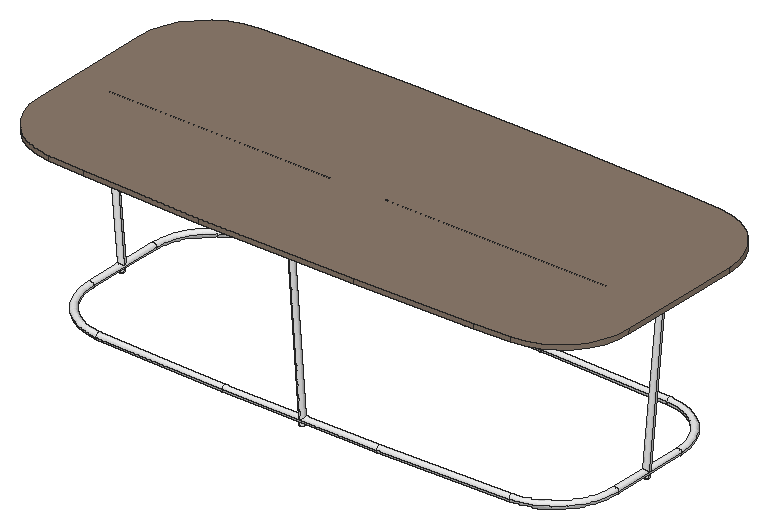
Revit family "Elan_Ellsworth_CoffeeTable_48_Rectangle", category Furniture, Revit 2012
Parameters
  Wood Top [instance] = Furniture - DECCA (Elan) - Ellsworth - Wood
  Width = 4' - 0"  # constant formula
  URL = "http://elanbydecca.com/"
  Upholstery [instance] = Furniture - DECCA (Elan) - Ellsworth - Upholstery
  Base [instance] = Furniture - DECCA (Elan) - Ellsworth - Base
  Product URL = "http://elanbydecca.com/PDFs/TearSheet/Ellsworth%20Tear%20Sheet.pdf"
  Model = "MK CT120"
  Manufacturer = "Decca Elan"
  Height = 1' - 2"  # constant formula
  Description = "Ellsworth Coffee Table 48\", Rectangle"
  Depth = 1' - 10"  # constant formula
  Assembly Description = "Furniture & Accessories"
  Assembly Code = "E2020200"
Reference planes (in)
  plane 1 "Center Front/Back": y = 4.4976
  plane 2: z = 0
  plane 3 "Center Left/Right": x = 0
  plane 4: through (-6.25338, 2.33237, 23.38953) normal (0.4297, -0.4297, 0.7941)
  plane 5: z = 14
  plane 6 "SB": z = 0.6875
  plane 7: z = 14
  plane 8: z = 13.24887
  plane 9: x = -24
  plane 10: x = 24
  plane 11: y = 15.4976
  plane 12: y = -6.5024
Forms (in)
  Sweep 1, solid, material "Furniture - DECCA (Elan) - Ellsworth - Base" <- "Base"
    path origin (0, 0, 0.6875) x (-1, 0, 0) y (0, -1, 0)
      loop
        arc (16.76188, -12.19253) -> (19.77326, -10.78816) -> (21, -7.70015) r 4.5
        line (21, -7.70015) -> (21, -1.29505)
        arc (21, -1.29505) -> (19.77326, 1.79296) -> (16.76188, 3.19733) r 4.5
        arc (16.76188, 3.19733) -> (11.52643, 3.42612) -> (6.28653, 3.5024) r 180
        line (6.28653, 3.5024) -> (-6.28653, 3.5024)
        arc (-6.28653, 3.5024) -> (-11.52643, 3.42612) -> (-16.76188, 3.19733) r 180
        arc (-16.76188, 3.19733) -> (-19.77326, 1.79296) -> (-21, -1.29505) r 4.5
        line (-21, -1.29505) -> (-21, -7.70015)
        arc (-21, -7.70015) -> (-19.77326, -10.78816) -> (-16.76188, -12.19253) r 4.5
        arc (-16.76188, -12.19253) -> (-11.52643, -12.42132) -> (-6.28653, -12.4976) r 180
        line (-6.28653, -12.4976) -> (6.28653, -12.4976)
        arc (6.28653, -12.4976) -> (11.52643, -12.42132) -> (16.76188, -12.19253) r 180
    profile origin (-11.52643, 12.42132, 0.6875) x (-0.029111, 0.999576, 0) y (0, 0, 1)
      loop
        circle (0.3451, -0.23437) r 0.25
  Sweep 2, solid, material "Furniture - DECCA (Elan) - Ellsworth - Wood" <- "Wood Top"
    path origin (0, 0, 2.875) x (-1, 0, 0) y (0, -1, 0)
      loop
        line (-6.28653, -12.4976) -> (6.28653, -12.4976)
        arc (6.28653, -12.4976) -> (10.99838, -12.43592) -> (15.70701, -12.25092) r 180
        line (15.70701, -12.25092) -> (18.63084, -12.09768)
        arc (18.63084, -12.09768) -> (20.31344, -11.322) -> (21, -9.60111) r 2.5
        line (21, -9.60111) -> (21, 0.60591)
        arc (21, 0.60591) -> (20.31344, 2.3268) -> (18.63084, 3.10248) r 2.5
        line (18.63084, 3.10248) -> (15.70701, 3.25572)
        arc (15.70701, 3.25572) -> (10.99838, 3.44072) -> (6.28653, 3.5024) r 180
        line (6.28653, 3.5024) -> (-6.28653, 3.5024)
        arc (-6.28653, 3.5024) -> (-10.99838, 3.44072) -> (-15.70701, 3.25572) r 180
        line (-15.70701, 3.25572) -> (-18.63084, 3.10248)
        arc (-18.63084, 3.10248) -> (-20.31344, 2.3268) -> (-21, 0.60591) r 2.5
        line (-21, 0.60591) -> (-21, -9.60111)
        arc (-21, -9.60111) -> (-20.31344, -11.322) -> (-18.63084, -12.09768) r 2.5
        line (-18.63084, -12.09768) -> (-15.70701, -12.25092)
        arc (-15.70701, -12.25092) -> (-10.99838, -12.43592) -> (-6.28653, -12.4976) r 180
    profile origin (-21, 4.4976, 2.875) x (-1, 0, 0) y (0, 0, 1)
      loop
        line (3, 11.125) -> (0, 11.125) -> (0, 10.37387) -> (2.25001, 10.37387) -> (3, 10.74886) -> (3, 11.125)
  Extrusion 3, solid, material "Furniture - DECCA (Elan) - Ellsworth - Wood" <- "Wood Top"
    sketch origin (0, 0, 2.875) x (-1, 0, 0) y (0, -1, 0)
      loop
        arc (18.63084, -12.09768) -> (20.31344, -11.322) -> (21, -9.60111) r 2.5
        line (21, -9.60111) -> (21, 0.60591)
        arc (21, 0.60591) -> (20.31344, 2.3268) -> (18.63084, 3.10248) r 2.5
        line (18.63084, 3.10248) -> (15.70701, 3.25572)
        arc (15.70701, 3.25572) -> (10.99838, 3.44072) -> (6.28653, 3.5024) r 180
        line (6.28653, 3.5024) -> (-6.28653, 3.5024)
        arc (-6.28653, 3.5024) -> (-10.99838, 3.44072) -> (-15.70701, 3.25572) r 180
        line (-15.70701, 3.25572) -> (-18.63084, 3.10248)
        arc (-18.63084, 3.10248) -> (-20.31344, 2.3268) -> (-21, 0.60591) r 2.5
        line (-21, 0.60591) -> (-21, -9.60111)
        arc (-21, -9.60111) -> (-20.31344, -11.322) -> (-18.63084, -12.09768) r 2.5
        line (-18.63084, -12.09768) -> (-15.70701, -12.25092)
        arc (-15.70701, -12.25092) -> (-10.99838, -12.43592) -> (-6.28653, -12.4976) r 180
        line (-6.28653, -12.4976) -> (6.28653, -12.4976)
        arc (6.28653, -12.4976) -> (10.99838, -12.43592) -> (15.70701, -12.25092) r 180
        line (15.70701, -12.25092) -> (18.63084, -12.09768)
    from 10.37387 to 11.125
  Extrusion 4, solid, material "Furniture - DECCA (Elan) - Ellsworth - Base" <- "Base"
    sketch origin (0, -16.42176, 0) x (1, 0, 0) y (0, 0, -1)
      loop
        circle (0, -13.02959) r 0.21863
    from 11.46165 to 30.38186
  Extrusion 5, solid, material "Furniture - DECCA (Elan) - Ellsworth - Base" <- "Base"
    sketch origin (0, 0, 0) x (0, 1, 0) y (0, 0, 1)
      loop
        circle (4.4976, 13.03012) r 0.21875
    from -22.46663 to 22.46047
  Sweep 6, solid, material "Furniture - DECCA (Elan) - Ellsworth - Base" <- "Base"
    path origin (-3, 4.4976, 0) x (1, 0, 0) y (0, 0, 1)
      loop
        line (-18.34408, 0.45542) -> (-19.47429, 13.24887)
    profile origin (-21.90918, 4.4976, 6.85215) x (-0.99612, 0, -0.088) y (0, -1, 0)
      loop
        circle (0, 0) r 0.23438
  Revolve 7, solid, material "Furniture - DECCA (Elan) - Ellsworth - Base" <- "Base"
    sketch origin (1.4976, 4.4976, 0) x (-1, 0, 0) y (0, 0, 1)
      loop
        line (22.84135, 0) -> (22.97468, 0)
        arc (22.97468, 0) -> (23.01887, 0.01831) -> (23.03718, 0.0625) r 0.0625
        line (23.03718, 0.0625) -> (23.03718, 0.32888) -> (22.84135, 0.32888) -> (22.84135, 0)
      axis (22.84135, 0.32888) -> (22.84135, 0)
    angle from 0 to 360
  Sweep 8, solid, material "Furniture - DECCA (Elan) - Ellsworth - Base" <- "Base"
    path origin (3, 4.4976, 0) x (-1, 0, 0) y (0, 0, -1)
      loop
        line (-18.34408, -0.45542) -> (-19.47429, -13.24887)
    profile origin (21.90918, 4.4976, 6.85215) x (-0.99612, 0, 0.088) y (0, -1, 0)
      loop
        circle (0, 0) r 0.23438
  Revolve 9, solid, material "Furniture - DECCA (Elan) - Ellsworth - Base" <- "Base"
    sketch origin (-1.4976, 4.4976, 0) x (1, 0, 0) y (0, 0, -1)
      loop
        line (22.84135, 0) -> (22.84135, -0.32888) -> (23.03718, -0.32888) -> (23.03718, -0.0625)
        arc (23.03718, -0.0625) -> (23.01887, -0.01831) -> (22.97468, 0) r 0.0625
        line (22.97468, 0) -> (22.84135, 0)
      axis (22.84135, -0.32888) -> (22.84135, 0)
    angle from 0 to 360
  Sweep 10, solid, material "Furniture - DECCA (Elan) - Ellsworth - Base" <- "Base"
    path origin (0, 14.4976, 0) x (0, 1, 0) y (0, 0, 1)
      loop
        line (-18.34408, 0.45542) -> (-19.47429, 13.24887)
    profile origin (0, -4.41158, 6.85215) x (0, -0.99612, -0.088) y (1, 0, 0)
      loop
        circle (0, 0) r 0.23438
  Revolve 11, solid, material "Furniture - DECCA (Elan) - Ellsworth - Base" <- "Base"
    sketch origin (0, 18.9952, 0) x (0, -1, 0) y (0, 0, 1)
      loop
        line (22.84135, 0) -> (22.97468, 0)
        arc (22.97468, 0) -> (23.01887, 0.01831) -> (23.03718, 0.0625) r 0.0625
        line (23.03718, 0.0625) -> (23.03718, 0.32888) -> (22.84135, 0.32888) -> (22.84135, 0)
      axis (22.84135, 0.32888) -> (22.84135, 0)
    angle from 0 to 360
  Sweep 12, solid, material "Furniture - DECCA (Elan) - Ellsworth - Base" <- "Base"
    path origin (0, -5.5024, 0) x (0, -1, 0) y (0, 0, -1)
      loop
        line (-18.34408, -0.45542) -> (-19.47429, -13.24887)
    profile origin (0, 13.40679, 6.85215) x (0, -0.99612, 0.088) y (1, 0, 0)
      loop
        circle (0, 0) r 0.23438
  Revolve 13, solid, material "Furniture - DECCA (Elan) - Ellsworth - Base" <- "Base"
    sketch origin (0, -10, 0) x (0, 1, 0) y (0, 0, 1)
      loop
        line (22.84135, 0) -> (22.97468, 0)
        arc (22.97468, 0) -> (23.01887, 0.01831) -> (23.03718, 0.0625) r 0.0625
        line (23.03718, 0.0625) -> (23.03718, 0.32888) -> (22.84135, 0.32888) -> (22.84135, 0)
      axis (22.84135, 0.32888) -> (22.84135, 0)
    angle from 0 to 360
Cuts and joins
  joined: Sweep 1, Extrusion 4, Extrusion 5, Sweep 6, Revolve 7, Sweep 8, Revolve 9, Sweep 10, Revolve 11, Sweep 12, Revolve 13
  joined: Sweep 2, Extrusion 3
Dimensions and locks (in)
  "Height": plane 5 to level
  plane 7 to plane 8 = 0' - 0.75113"
  aligned and locked: Extrusion 3 to plane 8
  aligned and locked: plane 5 to Extrusion 3
  aligned and locked: Extrusion 3 sketch curve to cut or joined group of Sweep 2, Extrusion 3  (x8)
Automatic sketch dimensions
  Sweep 1 sketch curve to Sweep 1 sketch curve = 0' - 0"  (x5)
  Sweep 1 sketch curve to plane 1 "Center Front/Back" = 0' - 3.20255"  (x2)
  Sweep 1 sketch curve to Sweep 1 sketch curve = 0' - 4 1/2"  (x2)
  plane 1 "Center Front/Back" to Sweep 1 sketch curve = 0' - 3.20255"  (x2)
  Sweep 1 sketch curve to plane 1 "Center Front/Back" = 0' - 8"
  plane 1 "Center Front/Back" to Sweep 1 sketch curve = 0' - 8"
  Sweep 1 sketch curve to plane 3 "Center Left/Right" = 0' - 6.28653"  (x2)
  Sweep 1 sketch curve to Sweep 1 sketch curve = 0' - 0.26188"  (x3)
  Sweep 1 sketch curve to profile plane = 0' - 0.3451"
  Sweep 1 sketch curve to profile plane = 0' - 0 15/64"
  plane 3 "Center Left/Right" to Sweep 2 sketch curve = 0' - 6.28653"  (x2)
  Sweep 2 sketch curve to plane 3 "Center Left/Right" = 0' - 6.28653"  (x2)
  Sweep 2 sketch curve to plane 11 = 13' - 5"
  Sweep 2 sketch curve to Sweep 2 sketch curve = 0' - 0"
  Sweep 2 sketch curve to plane 1 "Center Front/Back" = 0' - 7.75332"  (x2)
  Sweep 2 sketch curve to Sweep 2 sketch curve = 0' - 2.64981"  (x2)
  Sweep 2 sketch curve to profile plane = 0' - 0"
  Sweep 2 sketch curve to profile plane = 0' - 2 1/4"
  Sweep 2 sketch curve to Sweep 2 sketch curve = 0' - 0 3/4"
  profile plane to Sweep 2 sketch curve = 0' - 10.37387"
  Sweep 2 sketch curve to Sweep 2 sketch curve = 0' - 0 3/8"
  Sweep 2 sketch curve to Sweep 2 sketch curve = 0' - 0.37614"
  Extrusion 4 sketch curve to plane 3 "Center Left/Right" = 0' - 0"
  plane 8 to Extrusion 4 sketch curve = 0' - 0.21928"
  Extrusion 5 sketch curve to plane 1 "Center Front/Back" = 0' - 0"
  Extrusion 5 sketch curve to plane 8 = 0' - 0 7/32"
  Sweep 6 sketch curve to plane 8 = 0' - 0"
  Sweep 6 sketch curve to plane 6 "SB" = 0' - 0.23208"
  plane 1 "Center Front/Back" to Sweep 6 sketch curve = 0' - 0"
  Sweep 6 sketch curve to profile plane = 0' - 0"
  Revolve 7 sketch curve to level = 0' - 0"  (x2)
  plane 6 "SB" to Revolve 7 sketch curve = 0' - 0 1/64"
  Revolve 7 sketch curve to Revolve 7 sketch curve = 0' - 0"
  level to Revolve 7 sketch curve = 0' - 0 1/16"
  Revolve 7 sketch curve to Revolve 7 sketch curve = 0' - 0.13333"
  Revolve 7 sketch curve to Revolve 7 sketch curve = 0' - 0.26638"
  Sweep 8 sketch curve to plane 8 = 0' - 0"
  Sweep 8 sketch curve to plane 6 "SB" = 0' - 0.23208"
  plane 1 "Center Front/Back" to Sweep 8 sketch curve = 0' - 0"
  Sweep 8 sketch curve to profile plane = 0' - 0"
  Revolve 9 sketch curve to level = 0' - 0"  (x2)
  plane 6 "SB" to Revolve 9 sketch curve = 0' - 0 1/64"
  Revolve 9 sketch curve to Revolve 9 sketch curve = 0' - 0"
  level to Revolve 9 sketch curve = 0' - 0 1/16"
  Revolve 9 sketch curve to Revolve 9 sketch curve = 0' - 0.13333"
  Revolve 9 sketch curve to Revolve 9 sketch curve = 0' - 0.26638"
  Sweep 10 sketch curve to plane 8 = 0' - 0"
  Sweep 10 sketch curve to plane 6 "SB" = 0' - 0.23208"
  Sweep 10 sketch curve to profile plane = 0' - 0"  (x2)
  Revolve 11 sketch curve to level = 0' - 0"  (x2)
  Revolve 11 sketch curve to plane 6 "SB" = 0' - 0 1/64"
  Revolve 11 sketch curve to Revolve 11 sketch curve = 0' - 0"
  Revolve 11 sketch curve to level = 0' - 0 1/16"
  Revolve 11 sketch curve to Revolve 11 sketch curve = 0' - 0.13333"
  Revolve 11 sketch curve to Revolve 11 sketch curve = 0' - 0.26638"
  Sweep 12 sketch curve to plane 8 = 0' - 0"
  Sweep 12 sketch curve to plane 6 "SB" = 0' - 0.23208"
  Sweep 12 sketch curve to profile plane = 0' - 0"  (x2)
  Revolve 13 sketch curve to level = 0' - 0"  (x2)
  plane 6 "SB" to Revolve 13 sketch curve = 0' - 0 1/64"
  Revolve 13 sketch curve to Revolve 13 sketch curve = 0' - 0"
  level to Revolve 13 sketch curve = 0' - 0 1/16"
  Revolve 13 sketch curve to Revolve 13 sketch curve = 0' - 0.13333"
  Revolve 13 sketch curve to Revolve 13 sketch curve = 0' - 0.26638"
  Sweep 2 sketch curve to Sweep 2 sketch curve = 0' - 0.13084"  (x4)
  plane 9 to Sweep 6 sketch curve = 0' - 1.52571"
  plane 9 to Sweep 6 sketch curve = 0' - 2.65592"
  plane 9 to Revolve 7 sketch curve = 0' - 2 21/32"
  Sweep 2 sketch curve to Sweep 2 sketch curve = 0' - 2 1/2"  (x2)
  plane 1 "Center Front/Back" to Sweep 2 sketch curve = 0' - 5.10351"
  Extrusion 3 sketch curve to Extrusion 3 sketch curve = 0' - 0.13084"  (x3)
  plane 12 to Sweep 10 sketch curve = 0' - 1.52571"
  plane 12 to Sweep 10 sketch curve = 0' - 2.65592"
  Revolve 11 sketch curve to plane 12 = 0' - 2 21/32"
  Sweep 2 sketch curve to plane 1 "Center Front/Back" = 0' - 8"
  Sweep 2 sketch curve to Sweep 2 sketch curve = 0' - 0.15323"  (x2)
  plane 11 to Sweep 12 sketch curve = 0' - 1.52571"
  plane 11 to Sweep 12 sketch curve = 0' - 2.65592"
  plane 11 to Revolve 13 sketch curve = 0' - 2 21/32"
  Sweep 2 sketch curve to Sweep 2 sketch curve = 0' - 2.92383"  (x2)
  plane 11 to Extrusion 3 sketch curve = 0' - 3.24668"  (x2)
  Extrusion 3 sketch curve to Extrusion 3 sketch curve = 0' - 2.92383"
  plane 3 "Center Left/Right" to Sweep 1 sketch curve = 0' - 6.28653"
  plane 10 to Sweep 2 sketch curve = 0' - 8.29299"
  Sweep 2 sketch curve to Sweep 2 sketch curve = 0' - 9.42047"  (x2)
  plane 12 to Extrusion 3 sketch curve = 0' - 3.39992"
  plane 10 to Sweep 8 sketch curve = 0' - 1.52571"
  plane 10 to Sweep 8 sketch curve = 0' - 2.65592"
  plane 10 to Revolve 9 sketch curve = 0' - 2 21/32"
  Sweep 1 sketch curve to Sweep 1 sketch curve = 0' - 10.21347"
  plane 12 to Sweep 2 sketch curve = 0' - 3.24668"
  Sweep 2 sketch curve to Sweep 2 sketch curve = 0' - 2.79299"  (x2)
  plane 12 to Extrusion 3 sketch curve = 0' - 3.24668"
  radius of Sweep 1 sketch curve = 0' - 0 1/4"
  radius of Extrusion 4 sketch curve = 0' - 0.21863"
  radius of Extrusion 5 sketch curve = 0' - 0 7/32"
  radius of Sweep 6 sketch curve = 0' - 0 15/64"
  radius of Sweep 8 sketch curve = 0' - 0 15/64"
  radius of Sweep 10 sketch curve = 0' - 0 15/64"
  radius of Sweep 12 sketch curve = 0' - 0 15/64"
